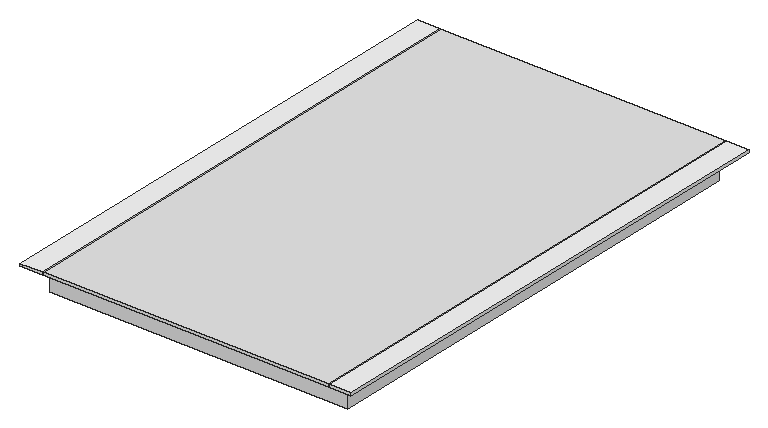
Revit family "Sanitary_Mirrors_Sloan-Valve_MLs", category Furniture, host Face, Revit 2021
Family settings
  Host = Face
  OmniClass Number = 23.40.95.17.17
  OmniClass Title = Mirrors
  Cut with Voids When Loaded = No
  Shared = No
  Room Calculation Point = No
Parameters (values of type "ML 2 Edge-24x36-6000K")
  z_Cutout Width = if(or(Real Height < 0' 7.87402", Real Width < 0' 7.87402"), 0' 0.3937", 0' 2.99213")  # 0' - 2.99213"
  z_Cutout Height = if(or(Real Height < 0' 7.87402", Real Width < 0' 7.87402"), 0' 0.3937", 0' 5")  # 0' - 5"
  z_Connector Top Offset = if(Back Lit, if(or(Real Height < 0' 7.87402", Real Width < 0' 7.87402"), Height - z_Case Back Width Top - 0' 1.1811", Height - z_Case Back Width Top - 0' 1.1811"), if(or(Real Height < 0' 7.87402", Real Width < 0' 7.87402"), Height / 2 + z_Cutout Height / 2, Height / 2 + z_Cutout Height / 2))  # 1' - 8 1/2"
  z_Connector Side Offset = if(Back Lit, if(or(Real Height < 0' 7.87402", Real Width < 0' 7.87402"), Width / 2, 0' 4.88189"), if(or(Real Height < 0' 7.87402", Real Width < 0' 7.87402"), Width / 2, Width / 2))  # 1' - 0"
  z_Case Back Width Side = if(or(Real Height < 0' 7.87402", Real Width < 0' 7.87402"), 0' 0.55118", 0' 2.12598")  # 0' - 2.12598"
  z_Case Back Width Top = if(or(Real Height < 0' 7.87402", Real Width < 0' 7.87402"), 0' 0.55118", 0' 3.85827")  # 0' - 3.85827"
  z_Left Offset = if(or(Real Height < 0' 7.87402", Real Width < 0' 7.87402"), 0' 0.3937", 0' 1.1811")  # 0' - 1.1811"
  z_Top Offset = if(or(Real Height < 0' 7.87402", Real Width < 0' 7.87402"), 0' 0.3937", 0' 1.22047")  # 0' - 1.22047"
  z_Case Back Width = Real Width - 0' 2.44094"  # 1' - 9.55906"
  z_Case Back Height = Real Height - 0' 2.3622"  # 2' - 9.6378"
  Weight = 32.00 lbf  # constant formula
  Voltage = 110 V
  URL = "www.sloanvalve.com"
  Real Width = if(Width < 0' 4", 0' 4", Width)  # 2' - 0"
  Real Height = if(Height < 0' 4", 0' 4", Height)  # 3' - 0"
  Width = 2' - 0"
  Version = 1
  Product data url = "https://bimobject.com/sloan_valve/product/ml-2-Edge-wall-hung-led-mirror"
  Product Material = Sloan Valve - Finish - Polished Chrome
  Power Factor = 0.8
  Part Number = "32920003"
  Number of Poles = 1
  Model = "ML 2 Edge-24x36-6000K"
  Manufacturer = "Sloan Valve"  # constant formula
  Height = 3' - 0"
  Frequency = 60 Hz  # constant formula
  Description = "24\" x 36\", Sloan Wall-hung Hardwired 2 Edge LED Mirror."
  Depth = 0' - 1.95"  # constant formula
  Default Elevation = 4' - 0"
  Date Updated = ""
  Date Created = "2024/06/13"  # constant formula
  Custom Size Note = "Please reach out to Sloan Valve Company for information on custom sizes."  # constant formula
  Current = 5 A
  Case Back = if(Back Lit, 1 = 2, 1 = 1)  # yes
  Back Lit = no
  Apparent Load = (Voltage * Current)  # 550 VA
  4 Inset = no
  4 Edge = no
  2 Inset = no
  2 Edge = yes
Types (5): name | z_Connector Top Offset | z_Connector Side Offset | Product data url | Part Number | Model | Description | Case Back | Back Lit | 4 Inset | 4 Edge | 2 Inset | 2 Edge
  ML 2 Edge-24x36-6000K | 1' - 8 1/2" | 1' - 0" | "https://bimobject.com/sloan_valve/product/ml-2-Edge-wall-hung-led-mirror" | "32920003" | "ML 2 Edge-24x36-6000K" | "24\" x 36\", Sloan Wall-hung Hardwired 2 Edge LED Mirror." | yes | no | no | no | no | yes
  ML 2 Inset-24x36-6000K | 1' - 8 1/2" | 1' - 0" | "https://bimobject.com/sloan_valve/product/ml-2-inset-wall-hung-led-mirror" | "32920001" | "ML 2 Inset-24x36-6000K" | "24\" x 36\", Sloan Wall-hung Hardwired 2 Inset LED Mirror." | yes | no | no | no | yes | no
  ML 4 Edge-24x36-6000K | 1' - 8 1/2" | 1' - 0" | "https://bimobject.com/sloan_valve/product/ml-4-Edge-wall-hung-led-mirror" | "32920004" | "ML 4 Edge-24x36-6000K" | "24\" x 36\", Sloan Wall-hung Hardwired 4 Edge LED Mirror." | yes | no | no | yes | no | no
  ML 4 Inset-24x36-6000K | 1' - 8 1/2" | 1' - 0" | "https://bimobject.com/sloan_valve/product/ml-4-inset-wall-hung-led-mirror" | "32920002" | "ML 4 Inset-24x36-6000K" | "24\" x 36\", Sloan Wall-hung Hardwired 4 Inset LED Mirror." | yes | no | yes | no | no | no
  ML Back Lit-24x36-6000K | 2' - 6.96063" | 0' - 4.88189" | "https://bimobject.com/sloan_valve/product/ml-back-lit-wall-hung-led-mirror" | "32920005" | "ML Back Lit-24x36-6000K" | "24\" x 36\", Sloan Wall-hung Hardwired Back Lit LED Mirror." | no | yes | no | no | no | no
Reference planes (in)
  plane 1 "Center (Front/Back)": y = 0
  plane 2: z = 0
  plane 3 "Center (Left/Right)": x = 0
  plane 4: y = 18
  plane 5: y = -18
  plane 6: x = -12
  plane 7: x = 12
  plane 8: z = 1.95
  plane 9: z = 1.37303
  plane 10: z = 0.38878
  plane 11: z = 0.88091
  plane 12: z = 0.88091
  plane 13: y = -2.5
Forms (in)
  Extrusion 1, solid, material "Sloan Valve - Finish - Polished Chrome" <- "Product Material", visible <- "Back Lit"
    sketch origin (0, 0, 0) x (1, 0, 0) y (0, 1, 0)
      loop
        line (-10.77953, 16.8189) -> (-10.77953, -16.8189) -> (10.77953, -16.8189) -> (10.77953, 16.8189) -> (-10.77953, 16.8189)
      loop
        line (-8.65354, 12.96063) -> (-8.65354, -12.96063) -> (8.65354, -12.96063) -> (8.65354, 12.96063) -> (-8.65354, 12.96063)
    from 0 to 1.76181
  Extrusion 2, solid, material "Sloan Valve - Glass - Self Illumination", visible <- "Back Lit"
    sketch origin (0, 0, 0) x (1, 0, 0) y (0, 1, 0)
      loop
        line (10.77953, 16.8189) -> (-10.77953, 16.8189) -> (-10.77953, -16.8189) -> (10.77953, -16.8189) -> (10.77953, 16.8189)
      loop
        line (-10.8189, 16.85827) -> (-10.8189, -16.85827) -> (10.8189, -16.85827) -> (10.8189, 16.85827) -> (-10.8189, 16.85827)
    from 0.38878 to 1.37303
  Revolve 3, solid, not visible
    sketch origin (-1.23423, -180, 0.88091) x (-1, 0, 0) y (0, -1, 0)
      loop
        line (-1.1358, -177.5) -> (-1.1358, -177.42126) -> (-1.23423, -177.42126) -> (-1.23423, -177.5) -> (-1.1358, -177.5)
      axis (-1.23423, -177.42126) -> (-1.23423, -177.5)
    angle from 0 to 360
  Extrusion 4, solid, material "Sloan Valve - Finish - Polished Chrome", visible <- "Case Back"
    sketch origin (-0.58862, -180, 0.88091) x (-1, 0, 0) y (0, -1, 0)
      loop
        line (10.19091, -196.8189) -> (10.19091, -163.1811) -> (-11.36815, -163.1811) -> (-11.36815, -196.8189) -> (10.19091, -196.8189)
      loop
        line (0.90744, -182.5) -> (0.90744, -177.5) -> (-2.08468, -177.5) -> (-2.08468, -182.5) -> (0.90744, -182.5)
    from -0.88091 to 0.88091
Lines and regions (in)
  Masking region 1
    outline origin (0, 0, 0) x (1, 0, 0) y (0, 0, 1)
      loop
        line (-12, 1.95) -> (-12, 1.76181) -> (-10.77953, 1.76181) -> (-10.77953, 0) -> (10.77953, 0) -> (10.77953, 1.76181) -> (12, 1.76181) -> (12, 1.95) -> (-12, 1.95)
  symbolic lines, detail levels medium+fine
    curve 1: line (-10.77953, 0, 1.76181) -> (10.77953, 0, 1.76181)
  symbolic lines, visible <- "Back Lit", detail levels medium+fine
    curve 2: line (10.77953, 0, 1.37303) -> (-10.77953, 0, 1.37303)
    curve 3: line (-10.77953, 0, 0.38878) -> (10.77953, 0, 0.38878)
Dimensions and locks (in)
  "Real Height": plane 4 to plane 5
  equal spacing: plane 4, plane 1 "Center (Front/Back)", plane 5
  equal spacing: plane 6, plane 3 "Center (Left/Right)", plane 7
  "Real Width": plane 6 to plane 7
  "Depth": plane 8 to level
  "z_Case Back Width Top": Extrusion 1 sketch curve to Extrusion 1 sketch curve  (x2)
  "z_Case Back Width Side": Extrusion 1 sketch curve to Extrusion 1 sketch curve  (x2)
  equal spacing: Extrusion 1 sketch curve, nested 1, Extrusion 1 sketch curve  (x2)
  "z_Case Back Width": Extrusion 1 sketch curve to Extrusion 1 sketch curve
  "z_Case Back Height": Extrusion 1 sketch curve to Extrusion 1 sketch curve
  locked: plane 9 to plane 10 at 0.98425
  locked: plane 10 to level at 0.38878
  locked: Extrusion 2 sketch curve to Extrusion 1 at 0.03937  (x3)
  locked: Extrusion 1 to Extrusion 2 sketch curve at 0.03937
  equal spacing: plane 9, plane 12, plane 10
  equal spacing: Extrusion 4 sketch curve, nested 1, Extrusion 4 sketch curve
  equal spacing: Extrusion 4 sketch curve, plane 1 "Center (Front/Back)", Extrusion 4 sketch curve
  "z_Cutout Height": Extrusion 4 sketch curve to Extrusion 4 sketch curve
  "z_Cutout Width": Extrusion 4 sketch curve to Extrusion 4 sketch curve
  "z_Connector Side Offset": Revolve 3 sketch curve to plane 7
  "z_Connector Top Offset": plane 4 to plane 13
  locked: plane 13 to Revolve 3 sketch curve at 0.07874
  locked: Revolve 3 sketch curve to Revolve 3 sketch curve at 0.09843
  aligned and locked: plane 2 to host face
  aligned and locked: level to host face
  aligned and locked: Masking region 1 sketch curve to plane 6
  aligned and locked: curve 1 to Masking region 1  (x2)
  aligned and locked: Masking region 1 to curve 1
  aligned and locked: plane 1 "Center (Front/Back)" to nested 1
  aligned and locked: plane 3 "Center (Left/Right)" to nested 1
  aligned and locked: plane 8 to nested 1
  aligned and locked: Masking region 1 sketch curve to nested 1
  aligned and locked: nested 1 to Masking region 1 sketch curve
  aligned and locked: Extrusion 1 to level
  aligned and locked: Extrusion 1 to Masking region 1
  aligned and locked: Masking region 1 to Extrusion 1
  aligned and locked: Extrusion 1 to nested 1
  aligned and locked: Extrusion 2 sketch curve to Extrusion 1  (x4)
  aligned and locked: Extrusion 2 to plane 10
  aligned and locked: Extrusion 2 to plane 9
  aligned and locked: Masking region 1 to curve 2  (x2)
  aligned and locked: Masking region 1 to curve 3  (x2)
  aligned and locked: Extrusion 4 sketch curve to Extrusion 1  (x4)
  aligned and locked: Extrusion 4 to nested 1
  aligned and locked: Extrusion 4 to level
  aligned and locked: Revolve 3 sketch curve to plane 13
  aligned and locked: Revolve 3 sketch curve to Revolve 3 sketch curve
Automatic sketch dimensions
  host sketch curve to host sketch curve = 8' - 0"  (x2)
  Masking region 1 sketch curve to Masking region 1 sketch curve = 0' - 1.22047"
  plane 7 to Masking region 1 sketch curve = 0' - 0"
  Masking region 1 sketch curve to plane 8 = 0' - 0"
  Masking region 1 sketch curve to level = 0' - 0"
  plane 7 to Masking region 1 sketch curve = 0' - 1.22047"
  curve 3 to plane 10 = 0' - 0"
  curve 2 to plane 9 = 0' - 0"
  Revolve 3 sketch curve to Revolve 3 sketch curve = 0' - 0.00844"
  Revolve 3 sketch curve to Revolve 3 sketch curve = 0' - 0.72384"
Nested families (in)
  nested 1: "Mirror" at (0, 0, 1.76181), Height <- "Real Height", Width <- "Real Width", type "Mirror"
    with Width 2' - 0", Strip Width 0' - 1.65", Strip Top Offset 0' - 4.23", Strip Side Offset 0' - 2", Height 3' - 0", 4 Inset no, 2 Edge yes
Connectors (in)
  electrical at (0, -2.5, 0.88091), driven by "Number of Poles", driven by "Voltage", driven by "Apparent Load", driven by "Power Factor"
    settings: on Revolve 3, index 1, voltage 110 V, apparent load 0 VA, apparent load phase1 550 VA, apparent load phase2 0 VA, apparent load phase3 0 VA, power factor 0.8, load classification "Other", number of poles 1, system type 31, power factor state 1, is connector primary yes, connector utility no, sub classification motor no, connector description "Electrical Connection"
Definition of nested family "Mirror"
  Parameters (values of type "Mirror")
    Width [instance] = 0' - 4"
    Strip Width [instance] = if(or(Height < 0' 8", Width < 0' 8"), 0' 0.59", 0' 1.65")  # 0' - 0.59"
    Strip Top Offset [instance] = if(or(Height < 0' 11.81", Width < 0' 6"), Height / 4, 0' 4.23")  # 0' - 1 1/4"
    Strip Side Offset [instance] = if(or(Height < 0' 11.81", Width < 0' 6"), 0' 0.39", 0' 2")  # 0' - 0.39"
    Height [instance] = 0' - 5"
    Default Elevation = 4' - 0"
    Back Lit = no
    4 Inset = yes
    4 Edge = no
    2 Inset = no
    2 Edge = no
  Reference planes (in)
    plane 1 "Center (Front/Back)": y = 0
    plane 2: z = 0
    plane 3 "Center (Left/Right)": x = 0
    plane 4: y = 2.5
    plane 5: y = -2.5
    plane 6: x = -2
    plane 7: x = 2
    plane 8: z = 0.18819
    plane 9: x = -1.41
    plane 10: x = 1.41
    plane 11: y = 1.91
    plane 12: y = -1.91
    plane 13: x = 1.41
    plane 14: x = -1.41
  Forms (in)
    Extrusion 1, solid, visible <- "2 Inset"
      sketch origin (0, 0, 0) x (1, 0, 0) y (0, 1, 0)
        loop
          line (-2, 2.5) -> (-2, -2.5) -> (2, -2.5) -> (2, 2.5) -> (-2, 2.5)
        loop
          line (-1.61, 1.25) -> (-1.61, -1.25) -> (-1.02, -1.25) -> (-1.02, 1.25) -> (-1.61, 1.25)
        loop
          line (1.61, -1.25) -> (1.61, 1.25) -> (1.02, 1.25) -> (1.02, -1.25) -> (1.61, -1.25)
      from 0 to 0.18819
    Extrusion 2, solid, visible <- "2 Inset"
      sketch origin (0, 0, 0) x (1, 0, 0) y (0, 1, 0)
        loop
          line (-1.61, 1.25) -> (-1.61, -1.25) -> (-1.02, -1.25) -> (-1.02, 1.25) -> (-1.61, 1.25)
        loop
          line (1.02, 1.25) -> (1.02, -1.25) -> (1.61, -1.25) -> (1.61, 1.25) -> (1.02, 1.25)
      from 0 to 0.18819
    Extrusion 3, solid, visible <- "4 Inset"
      sketch origin (0, 0, 0) x (1, 0, 0) y (0, 1, 0)
        loop
          line (-2, 2.5) -> (-2, -2.5) -> (2, -2.5) -> (2, 2.5) -> (-2, 2.5)
        loop
          line (-1.61, 2.11) -> (-1.61, -2.11) -> (1.61, -2.11) -> (1.61, 2.11) -> (-1.61, 2.11)
        loop
          line (-1.02, 1.52) -> (-1.02, -1.52) -> (1.02, -1.52) -> (1.02, 1.52) -> (-1.02, 1.52)
      from 0 to 0.18819
    Extrusion 4, solid, visible <- "4 Inset"
      sketch origin (0, 0, 0) x (1, 0, 0) y (0, 1, 0)
        loop
          line (-1.61, 2.11) -> (-1.61, -2.11) -> (1.61, -2.11) -> (1.61, 2.11) -> (-1.61, 2.11)
        loop
          line (1.02, -1.52) -> (1.02, 1.52) -> (-1.02, 1.52) -> (-1.02, -1.52) -> (1.02, -1.52)
      from 0 to 0.18819
    Extrusion 5, solid, visible <- "2 Edge"
      sketch origin (0, 0, 0) x (1, 0, 0) y (0, 1, 0)
        loop
          line (-2, 2.5) -> (-2, -2.5) -> (-1.41, -2.5) -> (-1.41, 2.5) -> (-2, 2.5)
        loop
          line (1.41, 2.5) -> (1.41, -2.5) -> (2, -2.5) -> (2, 2.5) -> (1.41, 2.5)
      from 0 to 0.18819
    Extrusion 6, solid, visible <- "2 Edge"
      sketch origin (0, 0, 0) x (1, 0, 0) y (0, 1, 0)
        loop
          line (-1.41, 2.5) -> (-1.41, -2.5) -> (1.41, -2.5) -> (1.41, 2.5) -> (-1.41, 2.5)
      from 0 to 0.18819
    Extrusion 7, solid, visible <- "4 Edge"
      sketch origin (0, 0, 0) x (1, 0, 0) y (0, 1, 0)
        loop
          line (-2, 2.5) -> (-2, -2.5) -> (2, -2.5) -> (2, 2.5) -> (-2, 2.5)
        loop
          line (-1.41, 1.91) -> (-1.41, -1.91) -> (1.41, -1.91) -> (1.41, 1.91) -> (-1.41, 1.91)
      from 0 to 0.18819
    Extrusion 8, solid, visible <- "4 Edge"
      sketch origin (0, 0, 0) x (1, 0, 0) y (0, 1, 0)
        loop
          line (-1.41, 1.91) -> (-1.41, -1.91) -> (1.41, -1.91) -> (1.41, 1.91) -> (-1.41, 1.91)
      from 0 to 0.18819
    Extrusion 9, solid, visible <- "Back Lit"
      sketch origin (0, 0, 0) x (1, 0, 0) y (0, 1, 0)
        loop
          line (-2, 2.5) -> (-2, -2.5) -> (2, -2.5) -> (2, 2.5) -> (-2, 2.5)
      from 0 to 0.18819
  Dimensions and locks (in)
    equal spacing: plane 4, plane 1 "Center (Front/Back)", plane 5
    "Height": plane 4 to plane 5
    equal spacing: plane 6, plane 3 "Center (Left/Right)", plane 7
    "Width": plane 6 to plane 7
    locked: plane 8 to level at 0.18819
    equal spacing: Extrusion 1 sketch curve, plane 1 "Center (Front/Back)", Extrusion 1 sketch curve
    Extrusion 1 sketch curve to Extrusion 1 sketch curve = 0' - 2 1/2"
    "Strip Top Offset": Extrusion 1 sketch curve to plane 4
    "Strip Width": Extrusion 1 sketch curve to Extrusion 1 sketch curve  (x2)
    "Strip Side Offset": plane 6 to Extrusion 1 sketch curve
    "Strip Side Offset": Extrusion 1 sketch curve to plane 7
    "Strip Side Offset": Extrusion 3 sketch curve to plane 5
    "Strip Side Offset": Extrusion 3 sketch curve to plane 4
    "Strip Side Offset": Extrusion 3 sketch curve to plane 7
    "Strip Side Offset": plane 6 to Extrusion 3 sketch curve
    "Strip Width": Extrusion 3 sketch curve to Extrusion 3 sketch curve  (x4)
    "Strip Width": plane 6 to plane 9
    "Strip Width": plane 10 to plane 7
    "Strip Width": plane 6 to plane 14
    "Strip Width": plane 13 to plane 7
    "Strip Width": plane 4 to plane 11
    "Strip Width": plane 12 to plane 5
    aligned and locked: plane 2 to level
    aligned and locked: Extrusion 1 sketch curve to plane 4
    aligned and locked: plane 6 to Extrusion 1 sketch curve
    aligned and locked: plane 7 to Extrusion 1 sketch curve
    aligned and locked: Extrusion 1 sketch curve to plane 5
    aligned and locked: plane 8 to Extrusion 1
    aligned and locked: Extrusion 1 to level
    aligned and locked: Extrusion 1 sketch curve to Extrusion 1 sketch curve  (x2)
    aligned and locked: Extrusion 2 sketch curve to Extrusion 1  (x4)
    aligned and locked: Extrusion 1 to Extrusion 2 sketch curve  (x2)
    aligned and locked: Extrusion 2 to level
    aligned and locked: Extrusion 2 to Extrusion 1  (x2)
    aligned and locked: Extrusion 3 sketch curve to plane 4
    aligned and locked: plane 6 to Extrusion 3 sketch curve
    aligned and locked: Extrusion 3 sketch curve to plane 5
    aligned and locked: plane 7 to Extrusion 3 sketch curve
    aligned and locked: Extrusion 3 to Extrusion 4 sketch curve  (x3)
    aligned and locked: Extrusion 4 sketch curve to Extrusion 3
    aligned and locked: Extrusion 3 to level
    aligned and locked: Extrusion 4 to level
    aligned and locked: plane 8 to Extrusion 3
    aligned and locked: plane 8 to Extrusion 4
    aligned and locked: Extrusion 5 sketch curve to plane 4  (x2)
    aligned and locked: plane 6 to Extrusion 5 sketch curve
    aligned and locked: Extrusion 5 sketch curve to plane 5  (x2)
    aligned and locked: Extrusion 5 sketch curve to plane 9
    aligned and locked: Extrusion 5 sketch curve to plane 10
    aligned and locked: plane 7 to Extrusion 5 sketch curve
    aligned and locked: Extrusion 6 sketch curve to plane 4
    aligned and locked: Extrusion 6 sketch curve to plane 5
    aligned and locked: Extrusion 6 sketch curve to Extrusion 5  (x2)
    aligned and locked: Extrusion 5 to level
    aligned and locked: Extrusion 6 to level
    aligned and locked: plane 8 to Extrusion 5
    aligned and locked: plane 8 to Extrusion 6
    aligned and locked: Extrusion 7 sketch curve to plane 4
    aligned and locked: plane 6 to Extrusion 7 sketch curve
    aligned and locked: Extrusion 7 sketch curve to plane 5
    aligned and locked: plane 7 to Extrusion 7 sketch curve
    aligned and locked: Extrusion 7 sketch curve to plane 14
    aligned and locked: Extrusion 7 sketch curve to plane 11
    aligned and locked: Extrusion 7 sketch curve to plane 13
    aligned and locked: Extrusion 7 sketch curve to plane 12
    aligned and locked: Extrusion 7 to Extrusion 8 sketch curve  (x3)
    aligned and locked: Extrusion 8 sketch curve to Extrusion 7
    aligned and locked: Extrusion 7 to level
    aligned and locked: Extrusion 8 to level
    aligned and locked: plane 8 to Extrusion 7
    aligned and locked: plane 8 to Extrusion 8
    aligned and locked: Extrusion 9 sketch curve to plane 4
    aligned and locked: plane 6 to Extrusion 9 sketch curve
    aligned and locked: Extrusion 9 sketch curve to plane 5
    aligned and locked: plane 7 to Extrusion 9 sketch curve
    aligned and locked: Extrusion 9 to level
    aligned and locked: plane 8 to Extrusion 9
    aligned and locked: Extrusion 4 to Extrusion 3  (x4)
  Automatic sketch dimensions
    Extrusion 2 sketch curve to Extrusion 2 sketch curve = 0' - 0.59"  (x2)
    Extrusion 4 sketch curve to plane 4 = 0' - 0.98"
    Extrusion 4 sketch curve to plane 4 = 0' - 0.39"
    Extrusion 4 sketch curve to plane 5 = 0' - 0.98"
    Extrusion 4 sketch curve to plane 5 = 0' - 0.39"
